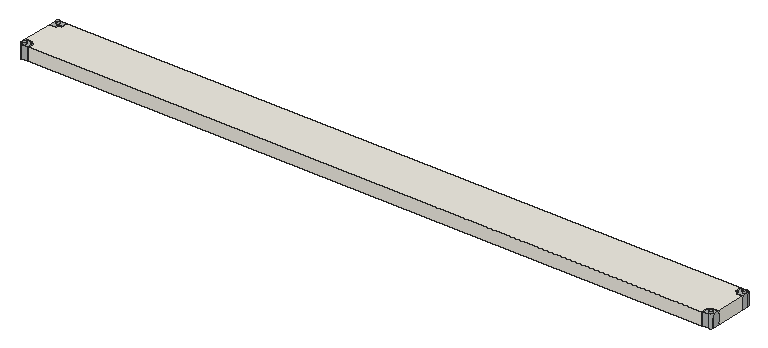
Revit family "HIGHTECH", category Осветительные приборы, Revit 2019 (continued)
Types (32, lengths in mm): name | Файл фотометрической сетки | built-in parameter 1150105 | Lumens | built-in parameter 1150106 | built-in parameter 1150142 | Wattage | Emit from Rectangle Width | Emit from Rectangle Length | Длина | Ширина | ADSK_Ток | ADSK_Полная мощность | ADSK_Обозначение | ADSK_Номинальная мощность | ADSK_Наименование | ADSK_Масса | ADSK_Код изделия
  Hightech-38/opal-sand 295х1195 (IP40, 4000К, белый) | "Светильник HIGHTECH-38 OPAL-SAND-(295x1195).ies" | 302.39 (stored number, unit not read) | 3800 lm | 3.0239 (stored number, unit not read) | "IESNA:LM-63-1995\r\n[TEST] Протокол №334/16 от 03.11.2016г. Испытательная лаборатория Государственного предприятия \"ЦСОТ НАН Беларуси\"\r\n[MORE] FFFFFFFD255B12BA015C13F525FB5F2F2\r\n[DATA] 02.11.2016\r\n[MANUFAC] ЗАО \"Центрстройсвет\"\r\n[LUMCAT] Светильник HIGHTECH-38/OPAL-SAND-(295X1195)\r\n[LUMINAIRE] офисное освещение\r\n[LAMP] \r\nTILT=NONE\r\n1    -1.0   1.000 91 181 1 2   0.295   1.195   0.04\r\n1.0  1.0   37.90\r\n0.0 2.0 4.0 6.0 8.0 10.0 12.0 14.0 16.0 18.0 20.0 22.0 24.0 26.0 28.0 30.0 32.0 34.0 36.0 38.0 40.0 42.0 44.0 46.0 48.0 50.0 52.0 54.0 56.0 58.0 60.0 62.0 64.0 66.0 68.0 70.0 72.0 74.0 76.0 78.0 80.0 82.0 84.0 86.0 88.0 90.0 92.0 94.0 96.0 98.0 100.0 102.0 104.0 106.0 108.0 110.0 112.0 114.0 116.0 118.0 120.0 122.0 124.0 126.0 128.0 130.0 132.0 134.0 136.0 138.0 140.0 142.0 144.0 146.0 148.0 150.0 152.0 154.0 156.0 158.0 160.0 162.0 164.0 166.0 168.0 170.0 172.0 174.0 176.0 178.0 180.0 \r\n0.0 2.0 4.0 6.0 8.0 10.0 12.0 14.0 16.0 18.0 20.0 22.0 24.0 26.0 28.0 30.0 32.0 34.0 36.0 38.0 40.0 42.0 44.0 46.0 48.0 50.0 52.0 54.0 56.0 58.0 60.0 62.0 64.0 66.0 68.0 70.0 72.0 74.0 76.0 78.0 80.0 82.0 84.0 86.0 88.0 90.0 92.0 94.0 96.0 98.0 100.0 102.0 104.0 106.0 108.0 110.0 112.0 114.0 116.0 118.0 120.0 122.0 124.0 126.0 128.0 130.0 132.0 134.0 136.0 138.0 140.0 142.0 144.0 146.0 148.0 150.0 152.0 154.0 156.0 158.0 160.0 162.0 164.0 166.0 168.0 170.0 172.0 174.0 176.0 178.0 180.0 182.0 184.0 186.0 188.0 190.0 192.0 194.0 196.0 198.0 200.0 202.0 204.0 206.0 208.0 210.0 212.0 214.0 216.0 218.0 220.0 222.0 224.0 226.0 228.0 230.0 232.0 234.0 236.0 238.0 240.0 242.0 244.0 246.0 248.0 250.0 252.0 254.0 256.0 258.0 260.0 262.0 264.0 266.0 268.0 270.0 272.0 274.0 276.0 278.0 280.0 282.0 284.0 286.0 288.0 290.0 292.0 294.0 296.0 298.0 300.0 302.0 304.0 306.0 308.0 310.0 312.0 314.0 316.0 318.0 320.0 322.0 324.0 326.0 328.0 330.0 332.0 334.0 336.0 338.0 340.0 342.0 344.0 346.0 348.0 350.0 352.0 354.0 356.0 358.0 360.0 \r\n1417.637 1416.354 1411.816 1405.303 1395.733 1384.288 1370.276 1353.307 1334.658 1313.741 1290.456 1264.901 1237.669 1208.563 1177.582 1144.923 1111.476 1076.252 \r\n1039.646 1001.857 963.476 923.417 883.260 842.018 801.072 758.644 716.317 673.693 630.576 587.064 543.749 500.435 457.614 414.891 371.972 330.137 289.191 248.836 209.765 171.778 \r\n133.693 99.653 67.389 36.901 9.077 0.592 0.592 0.592 0.493 0.493 0.493 0.493 0.493 0.493 0.493 0.493 0.395 0.395 0.395 0.395 0.395 0.395 0.395 0.296 0.296 0.296 0.296 0.296 0.296 0.296 0.296 0.197 \r\n0.197 0.197 0.197 0.197 0.197 0.197 0.197 0.098 0.098 0.098 0.098 0.098 0.098 0.098 0.098 0.000 0.000 0.000 0.000 \r\n1417.637 1416.453 1411.914 1405.402 1395.930 1384.583 1370.671 1353.701 1335.053 1314.234 1290.850 1265.395 1238.261 1209.155 1178.075 1145.515 1112.067 1076.844 \r\n1040.239 1002.548 964.167 924.207 883.951 842.708 801.762 759.336 717.008 674.383 631.267 587.755 544.441 501.126 458.206 415.385 372.465 330.631 289.585 249.231 210.160 172.172 \r\n134.088 99.949 67.685 37.198 9.275 0.592 0.592 0.592 0.493 0.493 0.493 0.493 0.493 0.493 0.493 0.493 0.395 0.395 0.395 0.395 0.395 0.395 0.395 0.296 0.296 0.296 0.296 0.296 0.296 0.296 0.296 0.197 \r\n0.197 0.197 0.197 0.197 0.197 0.197 0.197 0.098 0.098 0.098 0.098 0.098 0.098 0.098 0.098 0.000 0.000 0.000 0.000 \r\n1417.637 1416.453 1412.013 1405.600 1396.226 1384.781 1370.968 1354.095 1335.448 1314.629 1291.344 1265.888 1238.754 1209.648 1178.667 1146.206 1112.758 1077.534 \r\n1040.929 1003.140 964.857 924.898 884.740 843.400 802.453 760.026 717.698 674.976 631.859 588.446 545.032 501.718 458.798 415.977 373.057 331.124 290.079 249.625 210.553 172.567 \r\n134.383 100.245 67.883 37.394 9.472 0.592 0.592 0.592 0.493 0.493 0.493 0.493 0.493 0.493 0.493 0.493 0.395 0.395 0.395 0.395 0.395 0.395 0.395 0.296 0.296 0.296 0.296 0.296 0.296 0.296 0.296 0.197 \r\n0.197 0.197 0.197 0.197 0.197 0.197 0.197 0.098 0.098 0.098 0.098 0.098 0.098 0.098 0.098 0.000 0.000 0.000 0.000 \r\n1417.637 1416.551 1412.111 1405.796 1396.423 1385.077 1371.264 1354.391 1335.842 1315.024 1291.837 1266.382 1239.248 1210.240 1179.259 1146.798 1113.350 1078.126 \r\n1041.620 1003.831 965.548 925.588 885.431 844.090 803.143 760.717 718.389 675.666 632.549 589.038 545.723 502.310 459.390 416.569 373.550 331.617 290.474 250.119 210.948 172.863 \r\n134.679 100.541 68.178 37.591 9.669 0.592 0.592 0.592 0.493 0.493 0.493 0.493 0.493 0.493 0.493 0.493 0.395 0.395 0.395 0.395 0.395 0.395 0.395 0.296 0.296 0.296 0.296 0.296 0.296 0.296 0.296 0.197 \r\n0.197 0.197 0.197 0.197 0.197 0.197 0.197 0.098 0.098 0.098 0.098 0.098 0.098 0.098 0.098 0.000 0.000 0.000 0.000 \r\n1417.637 1416.551 1412.309 1405.895 1396.621 1385.373 1371.559 1354.786 1336.237 1315.419 1292.232 1266.875 1239.742 1210.733 1179.851 1147.390 1113.942 1078.816 \r\n1042.310 1004.521 966.238 926.279 886.121 844.879 803.834 761.408 719.080 676.357 633.240 589.728 546.315 502.902 459.982 417.062 374.043 332.110 290.967 250.513 211.343 173.258 \r\n135.074 100.837 68.376 37.888 9.965 0.592 0.592 0.592 0.493 0.493 0.493 0.493 0.493 0.493 0.493 0.493 0.395 0.395 0.395 0.395 0.395 0.395 0.395 0.296 0.296 0.296 0.296 0.296 0.296 0.296 0.296 0.197 \r\n0.197 0.197 0.197 0.197 0.197 0.197 0.197 0.098 0.098 0.098 0.098 0.098 0.098 0.098 0.098 0.000 0.000 0.000 0.000 \r\n1417.637 1416.650 1412.407 1406.093 1396.917 1385.669 1371.954 1355.181 1336.632 1315.912 1292.725 1267.368 1240.334 1211.325 1180.443 1147.982 1114.633 1079.409 \r\n1042.903 1005.212 966.929 926.969 886.812 845.569 804.524 762.098 719.770 677.048 633.832 590.320 546.907 503.494 460.574 417.654 374.636 332.603 291.460 250.908 211.738 173.653 \r\n135.371 101.133 68.671 38.086 10.163 0.592 0.592 0.592 0.493 0.493 0.493 0.493 0.493 0.493 0.493 0.493 0.395 0.395 0.395 0.395 0.395 0.395 0.395 0.296 0.296 0.296 0.296 0.296 0.296 0.296 0.296 0.197 \r\n0.197 0.197 0.197 0.197 0.197 0.197 0.197 0.098 0.098 0.098 0.098 0.098 0.098 0.098 0.098 0.000 0.000 0.000 0.000 \r\n1417.637 1416.650 1412.506 1406.191 1397.114 1385.866 1372.250 1355.576 1337.027 1316.307 1293.218 1267.861 1240.827 1211.918 1181.035 1148.672 1115.225 1080.099 \r\n1043.593 1005.902 967.620 927.660 887.503 846.260 805.215 762.789 720.461 677.739 634.523 591.011 547.598 504.086 461.166 418.247 375.129 333.098 291.855 251.401 212.132 173.948 \r\n135.666 101.429 68.968 38.381 10.360 0.592 0.592 0.592 0.493 0.493 0.493 0.493 0.493 0.493 0.493 0.493 0.395 0.395 0.395 0.395 0.395 0.395 0.395 0.296 0.296 0.296 0.296 0.296 0.296 0.296 0.296 0.197 \r\n0.197 0.197 0.197 0.197 0.197 0.197 0.197 0.098 0.098 0.098 0.098 0.098 0.098 0.098 0.098 0.000 0.000 0.000 0.000 \r\n1417.637 1416.650 1412.604 1406.389 1397.311 1386.162 1372.546 1355.871 1337.421 1316.701 1293.613 1268.355 1241.320 1212.411 1181.627 1149.265 1115.816 1080.691 \r\n1044.284 1006.593 968.212 928.351 888.194 846.951 805.906 763.479 721.151 678.429 635.213 591.702 548.190 504.777 461.758 418.740 375.721 333.591 292.348 251.796 212.527 174.343 \r\n135.962 101.627 69.165 38.579 10.557 0.592 0.592 0.592 0.493 0.493 0.493 0.493 0.493 0.493 0.493 0.395 0.395 0.395 0.395 0.395 0.395 0.395 0.395 0.296 0.296 0.296 0.296 0.296 0.296 0.296 0.296 0.197 \r\n0.197 0.197 0.197 0.197 0.197 0.197 0.197 0.098 0.098 0.098 0.098 0.098 0.098 0.098 0.098 0.000 0.000 0.000 0.000 \r\n1417.637 1416.749 1412.704 1406.586 1397.607 1386.458 1372.941 1356.266 1337.815 1317.095 1294.106 1268.848 1241.813 1213.003 1182.219 1149.856 1116.409 1081.382 \r\n1044.876 1007.283 968.902 929.042 888.885 847.642 806.597 764.170 721.843 679.120 635.806 592.293 548.881 505.368 462.351 419.332 376.214 334.084 292.841 252.191 212.922 174.738 \r\n136.357 101.922 69.461 38.776 10.853 0.592 0.592 0.592 0.493 0.493 0.493 0.493 0.493 0.493 0.493 0.395 0.395 0.395 0.395 0.395 0.395 0.395 0.395 0.296 0.296 0.296 0.296 0.296 0.296 0.296 0.296 0.197 \r\n0.197 0.197 0.197 0.197 0.197 0.197 0.197 0.098 0.098 0.098 0.098 0.098 0.098 0.098 0.098 0.000 0.000 0.000 0.000 \r\n1417.637 1416.749 1412.802 1406.684 1397.805 1386.754 1373.237 1356.661 1338.210 1317.589 1294.599 1269.341 1242.406 1213.496 1182.811 1150.448 1117.099 1081.974 \r\n1045.566 1007.974 969.593 929.732 889.575 848.333 807.287 764.861 722.533 679.712 636.496 592.985 549.472 505.960 462.942 419.825 376.707 334.577 293.236 252.684 213.317 175.034 \r\n136.652 102.218 69.659 39.072 11.051 0.592 0.592 0.592 0.493 0.493 0.493 0.493 0.493 0.493 0.493 0.395 0.395 0.395 0.395 0.395 0.395 0.395 0.395 0.296 0.296 0.296 0.296 0.296 0.296 0.296 0.296 0.197 \r\n0.197 0.197 0.197 0.197 0.197 0.197 0.197 0.098 0.098 0.098 0.098 0.098 0.098 0.098 0.098 0.000 0.000 0.000 0.000 \r\n1417.637 1416.848 1412.901 1406.882 1398.002 1387.051 1373.533 1356.957 1338.605 1317.983 1294.994 1269.834 1242.899 1214.089 1183.403 1151.041 1117.692 1082.665 \r\n1046.257 1008.566 970.284 930.423 890.266 849.121 807.978 765.552 723.224 680.403 637.187 593.675 550.163 506.553 463.534 420.416 377.300 335.071 293.729 253.079 213.712 175.429 \r\n136.949 102.515 69.954 39.269 11.248 0.592 0.592 0.592 0.493 0.493 0.493 0.493 0.493 0.493 0.493 0.395 0.395 0.395 0.395 0.395 0.395 0.395 0.395 0.296 0.296 0.296 0.296 0.296 0.296 0.296 0.296 0.197 \r\n0.197 0.197 0.197 0.197 0.197 0.197 0.197 0.098 0.098 0.098 0.098 0.098 0.098 0.098 0.098 0.000 0.000 0.000 0.000 \r\n1417.637 1416.848 1412.999 1407.079 1398.298 1387.247 1373.829 1357.352 1339.000 1318.378 1295.488 1270.327 1243.392 1214.680 1183.995 1151.731 1118.283 1083.257 \r\n1046.849 1009.257 970.975 931.113 891.055 849.813 808.668 766.242 723.914 681.093 637.779 594.266 550.755 507.145 464.126 421.009 377.793 335.564 294.222 253.474 214.105 175.823 \r\n137.343 102.810 70.250 39.467 11.445 0.592 0.592 0.592 0.493 0.493 0.493 0.493 0.493 0.493 0.493 0.395 0.395 0.395 0.395 0.395 0.395 0.395 0.395 0.296 0.296 0.296 0.296 0.296 0.296 0.296 0.296 0.197 \r\n0.197 0.197 0.197 0.197 0.197 0.197 0.197 0.098 0.098 0.098 0.098 0.098 0.098 0.098 0.098 0.000 0.000 0.000 0.000 \r\n1417.637 1416.946 1413.098 1407.178 1398.495 1387.544 1374.223 1357.747 1339.395 1318.773 1295.882 1270.822 1243.886 1215.174 1184.587 1152.323 1118.974 1083.848 \r\n1047.540 1009.947 971.665 931.903 891.746 850.503 809.359 766.933 724.507 681.784 638.470 594.958 551.445 507.836 464.718 421.502 378.287 336.057 294.617 253.967 214.500 176.119 \r\n137.640 103.106 70.447 39.762 11.741 0.592 0.592 0.592 0.493 0.493 0.493 0.493 0.493 0.493 0.493 0.395 0.395 0.395 0.395 0.395 0.395 0.395 0.395 0.296 0.296 0.296 0.296 0.296 0.296 0.296 0.296 0.197 \r\n0.197 0.197 0.197 0.197 0.197 0.197 0.197 0.098 0.098 0.098 0.098 0.098 0.098 0.098 0.098 0.000 0.000 0.000 0.000 \r\n1417.637 1416.946 1413.197 1407.376 1398.693 1387.839 1374.520 1358.042 1339.789 1319.168 1296.376 1271.315 1244.477 1215.765 1185.179 1152.915 1119.566 1084.539 \r\n1048.230 1010.638 972.356 932.594 892.436 851.194 810.050 767.623 725.197 682.474 639.160 595.649 552.038 508.427 465.310 422.094 378.878 336.550 295.111 254.362 214.895 176.514 \r\n137.935 103.403 70.744 39.960 11.939 0.592 0.592 0.592 0.493 0.493 0.493 0.493 0.493 0.493 0.493 0.395 0.395 0.395 0.395 0.395 0.395 0.395 0.395 0.296 0.296 0.296 0.296 0.296 0.296 0.296 0.296 0.197 \r\n0.197 0.197 0.197 0.197 0.197 0.197 0.197 0.098 0.098 0.098 0.098 0.098 0.098 0.098 0.098 0.000 0.000 0.000 0.000 \r\n1417.637 1417.044 1413.295 1407.474 1398.890 1388.135 1374.815 1358.437 1340.184 1319.661 1296.869 1271.808 1244.971 1216.258 1185.673 1153.507 1120.158 1085.131 \r\n1048.823 1011.329 973.046 933.284 893.127 851.884 810.741 768.314 725.888 683.165 639.752 596.240 552.728 509.019 465.902 422.686 379.371 337.044 295.505 254.757 215.388 176.909 \r\n138.232 103.698 70.942 40.157 12.136 0.592 0.592 0.592 0.493 0.493 0.493 0.493 0.493 0.493 0.493 0.395 0.395 0.395 0.395 0.395 0.395 0.395 0.395 0.296 0.296 0.296 0.296 0.296 0.296 0.296 0.296 0.197 \r\n0.197 0.197 0.197 0.197 0.197 0.197 0.197 0.098 0.098 0.098 0.098 0.098 0.098 0.098 0.098 0.000 0.000 0.000 0.000 \r\n1417.637 1417.044 1413.394 1407.671 1399.187 1388.333 1375.111 1358.832 1340.578 1320.056 1297.264 1272.301 1245.464 1216.851 1186.264 1154.099 1120.849 1085.822 \r\n1049.513 1012.020 973.737 933.975 893.818 852.575 811.432 769.004 726.578 683.855 640.443 596.930 553.321 509.611 466.494 423.180 379.964 337.537 295.999 255.250 215.783 177.304 \r\n138.626 103.994 71.237 40.453 12.333 0.592 0.592 0.592 0.493 0.493 0.493 0.493 0.493 0.493 0.493 0.395 0.395 0.395 0.395 0.395 0.395 0.395 0.395 0.296 0.296 0.296 0.296 0.296 0.296 0.296 0.296 0.197 \r\n0.197 0.197 0.197 0.197 0.197 0.197 0.197 0.098 0.098 0.098 0.098 0.098 0.098 0.098 0.098 0.000 0.000 0.000 0.000 \r\n1417.637 1417.143 1413.492 1407.869 1399.383 1388.629 1375.506 1359.226 1340.973 1320.451 1297.757 1272.795 1246.056 1217.443 1186.856 1154.790 1121.441 1086.414 \r\n1050.204 1012.711 974.428 934.665 894.508 853.365 812.122 769.695 727.269 684.448 641.134 597.523 554.011 510.203 467.086 423.772 380.457 338.031 296.492 255.645 216.178 177.599 \r\n138.922 104.291 71.533 40.650 12.629 0.592 0.592 0.592 0.493 0.493 0.493 0.493 0.493 0.493 0.493 0.395 0.395 0.395 0.395 0.395 0.395 0.395 0.395 0.296 0.296 0.296 0.296 0.296 0.296 0.296 0.296 0.197 \r\n0.197 0.197 0.197 0.197 0.197 0.197 0.197 0.098 0.098 0.098 0.098 0.098 0.098 0.098 0.098 0.000 0.000 0.000 0.000 \r\n1417.637 1417.143 1413.592 1407.967 1399.580 1388.925 1375.803 1359.523 1341.367 1320.845 1298.250 1273.288 1246.550 1217.936 1187.448 1155.382 1122.032 1087.105 \r\n1050.894 1013.401 975.119 935.356 895.199 854.055 812.813 770.386 727.959 685.138 641.725 598.213 554.603 510.795 467.678 424.265 380.951 338.524 296.887 256.038 216.573 177.994 \r\n139.218 104.586 71.730 40.848 12.826 0.592 0.592 0.493 0.493 0.493 0.493 0.493 0.493 0.493 0.493 0.395 0.395 0.395 0.395 0.395 0.395 0.395 0.395 0.296 0.296 0.296 0.296 0.296 0.296 0.296 0.296 0.197 \r\n0.197 0.197 0.197 0.197 0.197 0.197 0.197 0.098 0.098 0.098 0.098 0.098 0.098 0.098 0.098 0.000 0.000 0.000 0.000 \r\n1417.637 1417.242 1413.690 1408.165 1399.877 1389.220 1376.098 1359.917 1341.762 1321.339 1298.645 1273.781 1247.043 1218.528 1188.041 1155.974 1122.723 1087.697 \r\n1051.487 1013.993 975.810 936.046 895.889 854.746 813.503 771.077 728.650 685.829 642.416 598.904 555.294 511.486 468.270 424.857 381.542 339.018 297.380 256.533 216.967 178.389 \r\n139.613 104.882 72.026 41.143 13.024 0.592 0.592 0.493 0.493 0.493 0.493 0.493 0.493 0.493 0.493 0.395 0.395 0.395 0.395 0.395 0.395 0.395 0.395 0.296 0.296 0.296 0.296 0.296 0.296 0.296 0.296 0.197 \r\n0.197 0.197 0.197 0.197 0.197 0.197 0.197 0.098 0.098 0.098 0.098 0.098 0.098 0.098 0.098 0.000 0.000 0.000 0.000 \r\n1417.637 1417.242 1413.789 1408.362 1400.075 1389.517 1376.394 1360.311 1342.157 1321.733 1299.138 1274.274 1247.536 1219.022 1188.632 1156.566 1123.315 1088.388 \r\n1052.177 1014.684 976.500 936.738 896.581 855.436 814.194 771.768 729.341 686.519 643.107 599.496 555.885 512.078 468.862 425.449 382.035 339.511 297.873 256.926 217.362 178.685 \r\n139.909 105.079 72.223 41.341 13.221 0.592 0.592 0.493 0.493 0.493 0.493 0.493 0.493 0.493 0.493 0.395 0.395 0.395 0.395 0.395 0.395 0.395 0.395 0.296 0.296 0.296 0.296 0.296 0.296 0.296 0.296 0.197 \r\n0.197 0.197 0.197 0.197 0.197 0.197 0.197 0.098 0.098 0.098 0.098 0.098 0.098 0.098 0.098 0.000 0.000 0.000 0.000 \r\n1417.637 1417.341 1413.986 1408.461 1400.271 1389.715 1376.789 1360.608 1342.552 1322.128 1299.632 1274.768 1248.128 1219.614 1189.224 1157.256 1123.907 1088.980 \r\n1052.868 1015.374 977.191 937.428 897.369 856.127 814.884 772.458 730.032 687.211 643.698 600.187 556.577 512.670 469.454 425.942 382.529 340.004 298.268 257.321 217.756 179.080 \r\n140.204 105.376 72.520 41.538 13.517 0.592 0.592 0.493 0.493 0.493 0.493 0.493 0.493 0.493 0.493 0.395 0.395 0.395 0
